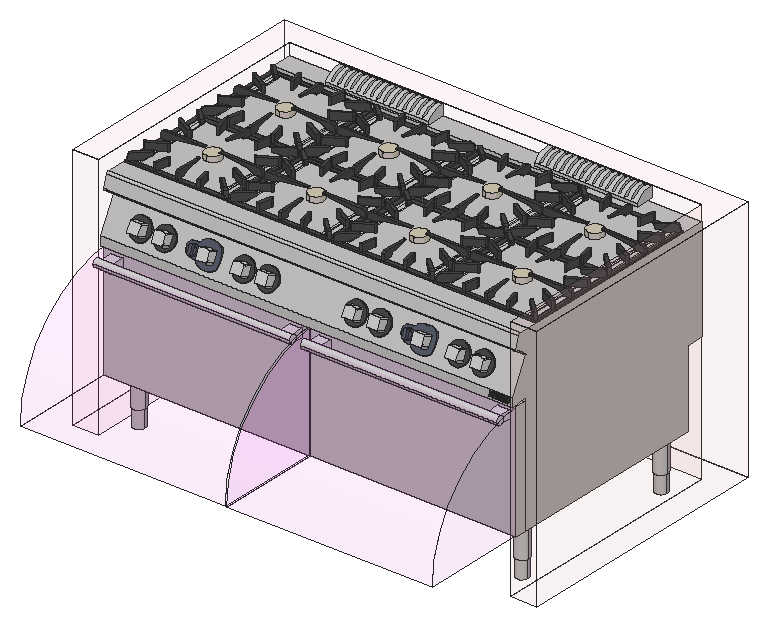
Revit family "QF_ZANUSSI_392038_Z9GCGP8CG0", category Attrezzature speciali, Revit 2020
Family settings
  Quota connettore circolare = Usa diametro
  Tipo di parte = Normale
  Basato su piano di lavoro = No
  Sempre verticale = Sì
  Taglio con vuoti quando caricato = No
  Condiviso = No
  Punto di calcolo locali = No
Parameters (values of type "Standard")
  Weight = 300.00 kg
  Watts = 0 W
  Volts = 0 V
  URL Manufacturer = "http://www.zanussiprofessional.com"
  URL = "http://www.zanussiprofessional.com"
  Steam Supply Size = 0 mm
  Steam Supply Minimum Pressure = 0.0 Pa
  Steam Supply Maximum Pressure = 0.0 Pa
  Steam Consumption per Hour = 0
  Show Logo [instance] = yes
  Show Clearance [instance] = yes
  Refrigeration Suction Line Size = 0 mm
  Refrigeration Liquid Line Size = 0 mm
  Refrigerant Compressor Remote = yes
  Prospetto di default = 0 mm
  Produttore = "Zanussi"
  Phase = 0
  Modello = "Z9GCGP8CG0"
  Length Actual = 1600 mm  # constant formula
  Item Number = "392038"
  Hot Water Size = 0 mm
  Height Actual = 850 mm  # constant formula
  HP = "0 HP"
  Gas Size = 12.7 mm
  Gas KW = 73
  Gas Input Pressure = 0.717211 W
  Direct Waste Size = 0 mm
  Descrizione = "8-BURNER(CAST IRON)GAS RANGE+2OVENS 1600"
  Depth Actual = 900 mm  # constant formula
  Cycle = 0 Hz
  Condensate Return Size = 0 mm
  Compressed Air Volume = 0.0 L/s
  Compressed Air Size = 0 mm
  Compressed Air Pressure = 0.0 Pa
  Cold Water Size = 0 mm
  Accessory = yes
Reference planes
  plane 1 "Back": y = 0
  plane 2: z = 0
  plane 3 "Left": x = 0
  plane 4: y = -916
  plane 5: x = 1600
  plane 6: z = 850
  plane 7: x = 800
  plane 8: x = 1700
  plane 9: x = -100
  plane 10: y = 100
  plane 11: y = -128
  plane 12: y = -802
Forms (mm)
  Extrusion 1, solid, material "QF_Finishes_Clearance", visible <- "Show Clearance"
    sketch origin (0, 0, 0) x (1, 0, 0) y (0, 1, 0)
      loop
        line (-100, -927.288) -> (0, -927.288) -> (0, 0) -> (1600, 0) -> (1600, -927.288) -> (1700, -927.288) -> (1700, 100) -> (-100, 100) -> (-100, -927.288)
    from 0 to 958.9
  Extrusion 2, solid, material "QF_Finishes_Stainless Steel"
    sketch origin (0, 50, 661.213) x (0, 1, 0) y (0, 0, 1)
      loop
        line (-50, 238.788) -> (-50, 253.075) -> (-126.2, 253.075) -> (-126.2, 238.788) -> (-50, 238.788)
    from 0 to 1200
  Revolve 3, solid, material "QF_Finishes_Door Clearance", visible <- "Show Clearance"
    sketch origin (0, -857.5, 50) x (1, 0, 0) y (0, 0, 1)
      loop
        line (803.256, 600) -> (803.256, 149) -> (1600, 149) -> (1600, 600) -> (803.256, 600)
      loop
        line (796.744, 600) -> (0, 600) -> (0, 149) -> (796.744, 149) -> (796.744, 600)
      axis (0, 149) -> (1600, 149)
    angle from 0 to -90
  Extrusion 4, solid, material "QF_Finishes_Stainless Steel"
    sketch origin (-303.042, -202, 191.278) x (-1, 0, 0) y (0, -1, 0)
      loop
        circle (-1852.042, 464) r 6.35
    from -1.278 to 7.722
  Extrusion 5, solid, material "QF_Finishes_Stainless Steel"
    sketch origin (-1103.042, -202, 191.278) x (-1, 0, 0) y (0, -1, 0)
      loop
        circle (-1852.042, 464) r 6.35
    from -1.278 to 7.722
Dimensions and locks
  plane 1 "Back" to plane 4 = 916 mm  (x2)
  plane 3 "Left" to plane 5 = 1600 mm
  plane 6 to level = 850 mm
  equal spacing: plane 3 "Left", plane 7, plane 5
  plane 1 "Back" to plane 10 = 100 mm
  plane 5 to plane 8 = 100 mm
  plane 9 to plane 3 "Left" = 100 mm
  Extrusion 1 to plane 11 to plane 12 = 128 mm, 674 mm
  nested 18 to level = 900 mm
  aligned and locked: level to plane 2
Automatic sketch dimensions
  Extrusion 1 sketch curve to plane 9 = 0 mm
  Extrusion 1 sketch curve to plane 3 "Left" = 0 mm
  plane 1 "Back" to Extrusion 1 sketch curve = 0 mm
  Extrusion 1 sketch curve to plane 5 = 0 mm
  Extrusion 1 sketch curve to plane 8 = 0 mm
  Extrusion 1 sketch curve to plane 10 = 0 mm
  Extrusion 1 sketch curve to plane 4 = 11.288 mm  (x2)
  Extrusion 2 sketch curve to plane 1 "Back" = 0 mm
  plane 11 to Extrusion 2 sketch curve = 51.8 mm
  Extrusion 2 sketch curve to plane 6 = 50 mm
  Extrusion 2 sketch curve to Extrusion 2 sketch curve = 14.288 mm
  Revolve 3 sketch curve to plane 3 "Left" = 0 mm
  plane 5 to Revolve 3 sketch curve = 0 mm
  plane 7 to Revolve 3 sketch curve = 3.256 mm
  Revolve 3 sketch curve to plane 7 = 3.256 mm
  Revolve 3 sketch curve to Revolve 3 sketch curve = 0 mm
  plane 6 to Revolve 3 sketch curve = 200 mm  (x2)
  plane 5 to Revolve 3 sketch curve = 199.55 mm
  Revolve 3 sketch curve to Revolve 3 sketch curve = 15.45 mm
  plane 5 to Extrusion 4 sketch curve = 51 mm
  plane 12 to Extrusion 4 sketch curve = 136 mm
  plane 7 to Extrusion 5 sketch curve = 51 mm
  plane 12 to Extrusion 5 sketch curve = 136 mm
  level to Revolve 3 sketch curve = 199 mm  (x2)
  radius of Extrusion 4 sketch curve = 6.35 mm
  radius of Extrusion 5 sketch curve = 6.35 mm
Nested families
  nested 1: "Uscita_Fumi_400" at (1205, -34.925, 914.288), type "Uscita_Fumi_400"
  nested 2: "Uscita_Fumi_400" at (395, -34.925, 914.288) x (-1, 0, 0) z (0, 0, 1), type "Uscita_Fumi_400"
  nested 3: "ZANUSSI_BURNER" at (2.5, -448.125, 50), type "ZANUSSI_BURNER"
    with Status "", Specification by User "", Revision Code "", Item Number "", Installed By "", Identify Quantity as Lot yes, Furnished By "", Foodservice Equipment Identifier yes
  nested 4: "ZANUSSI_BURNER" at (797.4, -448.125, 50) x (-1, 0, 0) z (0, 0, 1), type "ZANUSSI_BURNER"
    with Status "", Specification by User "", Revision Code "", Item Number "", Installed By "", Identify Quantity as Lot yes, Furnished By "", Foodservice Equipment Identifier yes
  nested 5: "ZANUSSI_BURNER" at (804.9, -448.125, 50), type "ZANUSSI_BURNER"
    with Status "", Specification by User "", Revision Code "", Item Number "", Installed By "", Identify Quantity as Lot yes, Furnished By "", Foodservice Equipment Identifier yes
  nested 6: "ZANUSSI_BURNER" at (1597.3, -448.125, 50) x (-1, 0, 0) z (0, 0, 1), type "ZANUSSI_BURNER"
    with Status "", Specification by User "", Revision Code "", Item Number "", Installed By "", Identify Quantity as Lot yes, Furnished By "", Foodservice Equipment Identifier yes
  nested 7: "CONTROLLER_XP-ZAN" at (1513, -887.374, 748.654) x (1, 0, 0) z (0, -0.8956, 0.4448), type "CONTROLLER_XP-ZAN"
  nested 8: "CONTROLLER_XP-ZAN" at (1418, -887.374, 748.654) x (1, 0, 0) z (0, -0.8956, 0.4448), type "CONTROLLER_XP-ZAN"
  nested 9: "CONTROLLER_XP-ZAN" at (1113, -887.374, 748.654) x (1, 0, 0) z (0, -0.8956, 0.4448), type "CONTROLLER_XP-ZAN"
  nested 10: "CONTROLLER_XP-ZAN" at (1018, -887.374, 748.654) x (1, 0, 0) z (0, -0.8956, 0.4448), type "CONTROLLER_XP-ZAN"
  nested 11: "CONTROLLER_DOPPIO_ZAN" at (1206.481, -887.374, 748.654) x (1, 0, 0) z (0, -0.8956, 0.4448), type "CONTROLLER_DOPPIO_ZAN"
  nested 12: "CONTROLLER_XP-ZAN" at (678, -887.374, 748.654) x (1, 0, 0) z (0, -0.8956, 0.4448), type "CONTROLLER_XP-ZAN"
  nested 13: "CONTROLLER_XP-ZAN" at (583, -887.374, 748.654) x (1, 0, 0) z (0, -0.8956, 0.4448), type "CONTROLLER_XP-ZAN"
  nested 14: "CONTROLLER_XP-ZAN" at (278, -887.374, 748.654) x (1, 0, 0) z (0, -0.8956, 0.4448), type "CONTROLLER_XP-ZAN"
  nested 15: "CONTROLLER_XP-ZAN" at (183, -887.374, 748.654) x (1, 0, 0) z (0, -0.8956, 0.4448), type "CONTROLLER_XP-ZAN"
  nested 16: "CONTROLLER_DOPPIO_ZAN" at (371.481, -887.374, 748.654) x (1, 0, 0) z (0, -0.8956, 0.4448), type "CONTROLLER_DOPPIO_ZAN"
  nested 17: "ZANUSSI_Logo" at (1549.92, -916.25, 722.184) x (1, 0, 0) z (0, -1, 0), Show Logo <- "Show Logo", visible <- "Show Logo", type "ZANUSSI_Logo"
    with Show Logo yes
  nested 18: "E700_width160X90Depth_MANIGLLIONE" at (800, -340.304, 50), type "E700_width160X90Depth_MANIGLLIONE"
  nested 19: "ZANUSSI_BURNER" at (2.5, -444.983, 50), type "ZANUSSI_BURNER"
    with Status "", Specification by User "", Revision Code "", Item Number "", Installed By "", Identify Quantity as Lot yes, Furnished By "", Foodservice Equipment Identifier yes
  nested 20: "ZANUSSI_BURNER" at (797.4, -444.983, 50) x (-1, 0, 0) z (0, 0, 1), type "ZANUSSI_BURNER"
    with Status "", Specification by User "", Revision Code "", Item Number "", Installed By "", Identify Quantity as Lot yes, Furnished By "", Foodservice Equipment Identifier yes
  nested 21: "ZANUSSI_BURNER" at (804.9, -444.983, 50), type "ZANUSSI_BURNER"
    with Status "", Specification by User "", Revision Code "", Item Number "", Installed By "", Identify Quantity as Lot yes, Furnished By "", Foodservice Equipment Identifier yes
  nested 22: "ZANUSSI_BURNER" at (1597.3, -444.983, 50) x (-1, 0, 0) z (0, 0, 1), type "ZANUSSI_BURNER"
    with Status "", Specification by User "", Revision Code "", Item Number "", Installed By "", Identify Quantity as Lot yes, Furnished By "", Foodservice Equipment Identifier yes
  nested 23: "Piedino 50xH200_par" at (56, -128.017, 0), type "Piedino 50xH200_par"
    with H 200 mm
  nested 24: "Piedino 50xH200_par" at (1544, -128.017, 0), type "Piedino 50xH200_par"
    with H 200 mm
  nested 25: "Piedino 50xH200_par" at (1544, -802, 0), type "Piedino 50xH200_par"
    with H 200 mm
  nested 26: "Piedino 50xH200_par" at (56, -802, 0), type "Piedino 50xH200_par"
    with H 200 mm
Connectors
  piping at (1549, -666, 190), diameter 12.7, driven by "Gas Size"
    settings: on Extrusion 4, index 15, connector inside diameter 12.8 mm, connector length 0 mm, flow factor 0, pipe flow 0.0 L/s, pressure drop 0.0 Pa, fitting loss kfactor 0, connector angle 0.00°, fixture units 0, engagement length 0 mm, angle of deflection 0.00°, flow configuration 1, flow direction 1, fitting loss method 0, system type 29, joint type 0, gender type 0, connector reference index -1, connector utility 0, adjustable connector no, is connector primary yes, connector description "Gas Connection"
  piping at (749, -666, 190), diameter 12.7, driven by "Gas Size"
    settings: on Extrusion 5, index 16, connector inside diameter 12.8 mm, connector length 0 mm, flow factor 0, pipe flow 0.0 L/s, pressure drop 0.0 Pa, fitting loss kfactor 0, connector angle 0.00°, fixture units 0, engagement length 0 mm, angle of deflection 0.00°, flow configuration 1, flow direction 1, fitting loss method 0, system type 29, joint type 0, gender type 0, connector reference index -1, connector utility 0, adjustable connector no, is connector primary no, connector description "Gas Connection"
Definition of nested family "Uscita_Fumi_400"
  Parameters (values of type "Uscita_Fumi_400")
    Default Elevation = 1219.2 mm
  Reference planes
    plane 1 "Centro (Fronte/Retro)": y = 0
    plane 2: z = 0
    plane 3 "Centro (Sinistra/Destra)": x = 0
  Forms (mm)
    Extrusion 1, solid
      sketch origin (0, 0, 0) x (1, 0, 0) y (0, 1, 0)
        loop
          line (-1219.2, 1219.2) -> (-1219.2, -1219.2) -> (1219.2, -1219.2) -> (1219.2, 1219.2) -> (-1219.2, 1219.2)
      from 0 to -304.8
    Extrusion 2, solid
      sketch origin (-200, 34.925, -289.638) x (0, 1, 0) y (0, 0, 1)
        loop
          line (0, 289.638) -> (0, 331.738)
          arc (0, 331.738) -> (-38.857, 324.552) -> (-69.85, 300.038) r 82.056
          line (-69.85, 300.038) -> (-69.85, 289.638) -> (0, 289.638)
      from 0 to 400
    Extrusion 3, void
      sketch origin (-262.5, 34.925, -15) x (0, -1, 0) y (1, 0, 0)
        loop
          line (63.911, 115.464) -> (6.761, 115.464) -> (6.761, 106.168) -> (63.911, 106.168) -> (63.911, 115.464)
        loop
          line (63.911, 140.952) -> (6.761, 140.952) -> (6.761, 131.656) -> (63.911, 131.656) -> (63.911, 140.952)
        loop
          line (63.911, 166.44) -> (6.761, 166.44) -> (6.761, 157.145) -> (63.911, 157.145) -> (63.911, 166.44)
        loop
          line (63.911, 191.929) -> (6.761, 191.929) -> (6.761, 182.633) -> (63.911, 182.633) -> (63.911, 191.929)
        loop
          line (63.911, 217.417) -> (6.761, 217.417) -> (6.761, 208.121) -> (63.911, 208.121) -> (63.911, 217.417)
        loop
          line (63.911, 242.905) -> (6.761, 242.905) -> (6.761, 233.61) -> (63.911, 233.61) -> (63.911, 242.905)
        loop
          line (63.911, 268.394) -> (6.761, 268.394) -> (6.761, 259.098) -> (63.911, 259.098) -> (63.911, 268.394)
        loop
          line (63.911, 293.882) -> (6.761, 293.882) -> (6.761, 284.586) -> (63.911, 284.586) -> (63.911, 293.882)
        loop
          line (63.911, 319.37) -> (6.761, 319.37) -> (6.761, 310.075) -> (63.911, 310.075) -> (63.911, 319.37)
        loop
          line (63.911, 344.859) -> (6.761, 344.859) -> (6.761, 335.563) -> (63.911, 335.563) -> (63.911, 344.859)
        loop
          line (63.911, 370.347) -> (6.761, 370.347) -> (6.761, 361.051) -> (63.911, 361.051) -> (63.911, 370.347)
        loop
          line (63.911, 393.394) -> (6.761, 393.394) -> (6.761, 384.098) -> (63.911, 384.098) -> (63.911, 393.394)
        loop
          line (63.911, 418.882) -> (6.761, 418.882) -> (6.761, 409.586) -> (63.911, 409.586) -> (63.911, 418.882)
        loop
          line (63.911, 444.383) -> (6.761, 444.383) -> (6.761, 435.087) -> (63.911, 435.087) -> (63.911, 444.383)
        loop
          line (63.911, 89.964) -> (6.761, 89.964) -> (6.761, 80.668) -> (63.911, 80.668) -> (63.911, 89.964)
      from 25.4 to 63.5
  Cuts and joins
    Extrusion 3 cuts Extrusion 2
  Dimensions and locks
    cut or joined group of Extrusion 2, Extrusion 3 to cut or joined group of Extrusion 2, Extrusion 3 = 400 mm
    aligned and locked: plane 2 to Extrusion 1
    aligned and locked: level to Extrusion 1
Definition of nested family "ZANUSSI_BURNER"
  Parameters (values of type "ZANUSSI_BURNER")
    Weight in Pounds = 0
    URL Cutsheet = ""
    URL = "www.electrolux.com"
    Type Mark [instance] = ""
    Status [instance] = ""
    Specification by User [instance] = ""
    Specification by Manufacturer = ""
    Show Clearance [instance] = yes
    Serial Number = ""
    Seismic Rating = ""
    SMACNA No = ""
    Revision Code [instance] = ""
    Default Elevation = 0 mm
    Omniclass Number and Title = ""
    NAFEM Spec ID Number = ""
    Model = "392010"
    Masterspec = ""
    Manufacturer = "ELECTROLUX"
    Item Number [instance] = ""
    Installed By [instance] = ""
    Identify Quantity as Lot [instance] = yes
    Furnished By [instance] = ""
    Foodservice Equipment Identifier [instance] = yes
    Description = ""
    CSI MasterFormat = ""
    CSI Master Format = ""
  Reference planes
    plane 1 "BACK": y = 0
    plane 2: z = 0
    plane 3 "LEFT": x = 0
    plane 4 "RIGHT": x = 393.7
    plane 5 "FRONT": y = -355.6
    plane 6 "TOP": z = 908.85
    plane 7 "Center Y": x = 196.85
    plane 8 "Center X": y = -177.8
    plane 9 "Base": z = 150
    plane 10: z = 850.85
  Forms (mm)
    Extrusion 1, solid
      sketch origin (-6.433, -404.961, 5) x (1, 0, 0) y (0, 0, -1)
        loop
          arc (7.142, -850.85) -> (6.739, -862.989) -> (9.761, -874.752) r 42.809
          line (9.761, -874.752) -> (19.961, -879.425) -> (173.122, -879.425)
          arc (173.122, -879.425) -> (174.316, -878.312) -> (173.289, -877.043) r 1.197
          line (173.289, -877.043) -> (64.848, -864.021)
          arc (64.848, -864.021) -> (50.111, -858.738) -> (36.589, -850.85) r 85.245
          line (36.589, -850.85) -> (7.142, -850.85)
        loop
          line (399.424, -850.85) -> (369.977, -850.85)
          arc (369.977, -850.85) -> (356.455, -858.738) -> (341.718, -864.021) r 85.245
          line (341.718, -864.021) -> (233.277, -877.043)
          arc (233.277, -877.043) -> (232.25, -878.312) -> (233.444, -879.425) r 1.197
          line (233.444, -879.425) -> (386.605, -879.425) -> (396.806, -874.752)
          arc (396.806, -874.752) -> (399.827, -862.989) -> (399.424, -850.85) r 42.809
      from 224.564 to 234.564
    Extrusion 2, solid
      sketch origin (196.85, 175.397, 1219.2) x (0, 1, 0) y (0, 0, 1)
        loop
          line (-204.463, -363.35) -> (-175.397, -363.35) -> (-175.397, -339.506)
          arc (-175.397, -339.506) -> (-181.025, -338.266) -> (-185.611, -334.775) r 13.39
          line (-185.611, -334.775) -> (-278.903, -334.775)
          arc (-278.903, -334.775) -> (-280.097, -335.888) -> (-279.07, -337.157) r 1.197
          line (-279.07, -337.157) -> (-227.151, -347.464)
          arc (-227.151, -347.464) -> (-213.741, -352.457) -> (-204.463, -363.35) r 28.426
        loop
          arc (-496.332, -363.35) -> (-487.053, -352.457) -> (-473.644, -347.464) r 28.426
          line (-473.644, -347.464) -> (-421.725, -337.157)
          arc (-421.725, -337.157) -> (-420.697, -335.888) -> (-421.891, -334.775) r 1.197
          line (-421.891, -334.775) -> (-515.184, -334.775)
          arc (-515.184, -334.775) -> (-519.769, -338.266) -> (-525.397, -339.506) r 13.39
          line (-525.397, -339.506) -> (-525.397, -363.35) -> (-496.332, -363.35)
      from -5 to 5
    Extrusion 3, solid
      sketch origin (-6.433, 367.064, 850.85) x (0, -1, 0) y (1, 0, 0)
        loop
          line (722.664, 6.433) -> (722.664, 400.133) -> (367.064, 400.133) -> (367.064, 6.433) -> (722.664, 6.433)
        loop
          line (382.064, 21.433) -> (707.664, 21.433) -> (707.664, 385.133) -> (382.064, 385.133) -> (382.064, 21.433)
      from 0 to 5
    Extrusion 4, solid
      sketch origin (-18.933, 367.064, 855.85) x (0, -1, 0) y (1, 0, 0)
        loop
          circle (541.667, 215.783) r 30
      from -1.321 to 17.134
    Extrusion 5, solid
      sketch origin (-6.433, -367.064, 0) x (1, 0, 0) y (0, 0, -1)
        loop
          line (21.433, -855.85) -> (36.589, -855.85)
          arc (36.589, -855.85) -> (40.561, -855.243) -> (44.305, -853.783) r 18.259
          arc (44.305, -853.783) -> (45.997, -853.366) -> (47.69, -853.783) r 3.649
          arc (47.69, -853.783) -> (49.901, -854.522) -> (52.232, -854.529) r 7.328
          line (52.232, -854.529) -> (354.334, -854.529)
          arc (354.334, -854.529) -> (356.666, -854.522) -> (358.877, -853.783) r 7.328
          arc (358.877, -853.783) -> (360.569, -853.366) -> (362.261, -853.783) r 3.649
          arc (362.261, -853.783) -> (366.005, -855.243) -> (369.977, -855.85) r 18.259
          line (369.977, -855.85) -> (385.133, -855.85) -> (385.133, -850.85) -> (21.433, -850.85) -> (21.433, -855.85)
      from 26.464 to 352.064
    Extrusion 6, solid
      sketch origin (83.284, -458.334, 5) x (0.742103, 0.670286, 0) y (0, 0, -1)
        loop
          arc (88.629, -864.012) -> (73.909, -858.731) -> (60.402, -850.85) r 85.245
          line (60.402, -850.85) -> (14.993, -850.85)
          arc (14.993, -850.85) -> (14.642, -862.948) -> (17.686, -874.663) r 42.876
          line (17.686, -874.663) -> (27.899, -879.425) -> (89.664, -879.425)
          arc (89.664, -879.425) -> (92.39, -878.352) -> (93.654, -875.709) r 4
          arc (93.654, -875.709) -> (92.562, -869.25) -> (88.629, -864.012) r 13.87
        loop
          arc (457.638, -864.012) -> (453.704, -869.25) -> (452.613, -875.709) r 13.87
          arc (452.613, -875.709) -> (453.876, -878.352) -> (456.603, -879.425) r 4
          line (456.603, -879.425) -> (518.367, -879.425) -> (528.581, -874.663)
          arc (528.581, -874.663) -> (531.624, -862.948) -> (531.273, -850.85) r 42.876
          line (531.273, -850.85) -> (485.865, -850.85)
          arc (485.865, -850.85) -> (472.357, -858.731) -> (457.638, -864.012) r 85.245
      from 127.064 to 137.064
    Extrusion 7, solid
      sketch origin (310.416, -458.334, 5) x (-0.742103, 0.670286, 0) y (0, 0, 1)
        loop
          arc (88.629, 864.012) -> (92.562, 869.25) -> (93.654, 875.709) r 13.87
          arc (93.654, 875.709) -> (92.39, 878.352) -> (89.664, 879.425) r 4
          line (89.664, 879.425) -> (27.899, 879.425) -> (17.686, 874.663)
          arc (17.686, 874.663) -> (14.642, 862.948) -> (14.993, 850.85) r 42.876
          line (14.993, 850.85) -> (60.402, 850.85)
          arc (60.402, 850.85) -> (73.909, 858.731) -> (88.629, 864.012) r 85.245
        loop
          arc (457.638, 864.012) -> (472.357, 858.731) -> (485.865, 850.85) r 85.245
          line (485.865, 850.85) -> (531.273, 850.85)
          arc (531.273, 850.85) -> (531.624, 862.948) -> (528.581, 874.663) r 42.876
          line (528.581, 874.663) -> (518.367, 879.425) -> (456.603, 879.425)
          arc (456.603, 879.425) -> (453.876, 878.352) -> (452.613, 875.709) r 4
          arc (452.613, 875.709) -> (453.704, 869.25) -> (457.638, 864.012) r 13.87
      from 127.064 to 137.064
    Extrusion 8, solid
      sketch origin (-6.433, 367.064, 855.85) x (0, -1, 0) y (1, 0, 0)
        loop
          arc (626.166, 9.428) -> (632.956, 7.454) -> (634.93, 14.244) r 5
          line (634.93, 14.244) -> (600.514, 76.878)
          arc (600.514, 76.878) -> (593.724, 78.852) -> (591.75, 72.062) r 5
          line (591.75, 72.062) -> (626.166, 9.428)
        loop
          line (463.562, 9.428) -> (497.977, 72.062)
          arc (497.977, 72.062) -> (496.003, 78.852) -> (489.213, 76.878) r 5
          line (489.213, 76.878) -> (454.798, 14.244)
          arc (454.798, 14.244) -> (456.772, 7.454) -> (463.562, 9.428) r 5
        loop
          line (626.166, 397.138) -> (591.75, 334.504)
          arc (591.75, 334.504) -> (593.724, 327.714) -> (600.514, 329.689) r 5
          line (600.514, 329.689) -> (634.93, 392.323)
          arc (634.93, 392.323) -> (632.956, 399.113) -> (626.166, 397.138) r 5
        loop
          arc (463.562, 397.138) -> (456.772, 399.113) -> (454.798, 392.323) r 5
          line (454.798, 392.323) -> (489.213, 329.689)
          arc (489.213, 329.689) -> (496.003, 327.714) -> (497.977, 334.504) r 5
          line (497.977, 334.504) -> (463.562, 397.138)
        loop
          line (715.14, 293.499) -> (666.703, 282.317)
          arc (666.703, 282.317) -> (662.956, 276.32) -> (668.953, 272.573) r 5
          line (668.953, 272.573) -> (717.389, 283.756)
          arc (717.389, 283.756) -> (721.136, 289.752) -> (715.14, 293.499) r 5
        loop
          arc (715.14, 113.067) -> (721.136, 116.814) -> (717.389, 122.811) r 5
          line (717.389, 122.811) -> (668.953, 133.993)
          arc (668.953, 133.993) -> (662.956, 130.246) -> (666.703, 124.249) r 5
          line (666.703, 124.249) -> (715.14, 113.067)
        loop
          arc (374.588, 293.499) -> (368.591, 289.752) -> (372.338, 283.756) r 5
          line (372.338, 283.756) -> (420.775, 272.573)
          arc (420.775, 272.573) -> (426.771, 276.32) -> (423.024, 282.317) r 5
          line (423.024, 282.317) -> (374.588, 293.499)
        loop
          line (374.588, 113.067) -> (423.024, 124.249)
          arc (423.024, 124.249) -> (426.771, 130.246) -> (420.775, 133.993) r 5
          line (420.775, 133.993) -> (372.338, 122.811)
          arc (372.338, 122.811) -> (368.591, 116.814) -> (374.588, 113.067) r 5
      from 0 to 28.575
  Lines and regions (mm)
    symbolic lines
      curve 1: line (157.475, -170.397, 150) -> (157.475, -15, 150)
      curve 2: line (236.225, -170.397, 150) -> (236.225, -15, 150)
      curve 3: arc (158.678, -180.397, 0) -> (170.734, -200.207, 0) -> (191.85, -209.795, 0) r 39.375
      curve 4: line (163.825, -170.397, 150) -> (163.825, -15, 150)
      curve 5: line (229.875, -170.397, 150) -> (229.875, -15, 150)
      curve 6: line (144.775, -170.397, 150) -> (144.775, -15, 150)
      curve 7: line (248.925, -170.397, 150) -> (248.925, -15, 150)
      curve 8: arc (145.678, -180.397, 0) -> (161.728, -209.187, 0) -> (191.85, -222.573, 0) r 52.075
      curve 9: arc (201.85, -209.795, 0) -> (222.966, -200.207, 0) -> (235.022, -180.397, 0) r 39.375
      curve 10: arc (201.85, -222.573, 0) -> (231.931, -209.224, 0) -> (248.001, -180.504, 0) r 52.075
  Dimensions and locks
    equal spacing: plane 3 "LEFT", plane 7 "Center Y", plane 4 "RIGHT"
    plane 3 "LEFT" to plane 4 "RIGHT" = 393.7 mm
    equal spacing: plane 5 "FRONT", plane 8 "Center X", plane 1 "BACK"
    plane 5 "FRONT" to plane 1 "BACK" = 355.6 mm
    plane 6 "TOP" to level = 908.85 mm
    plane 9 "Base" to level = 150 mm
    plane 6 "TOP" to plane 10 = 58 mm  (x2)
    locked: Extrusion 4 sketch curve to plane 7 "Center Y" at 0
    aligned and locked: level to plane 2
  Automatic sketch dimensions
    plane 1 "BACK" to curve 7 = 15 mm
    plane 7 "Center Y" to curve 7 = 52.075 mm
    curve 7 to curve 2 = 12.7 mm
    curve 2 to curve 5 = 6.35 mm
    curve 4 to curve 1 = 6.35 mm
    plane 8 "Center X" to curve 6 = 7.403 mm
    curve 1 to curve 6 = 12.7 mm
    plane 3 "LEFT" to Extrusion 1 sketch curve = 0.709 mm
    plane 3 "LEFT" to Extrusion 1 sketch curve = 3.327 mm
    Extrusion 1 sketch curve to Extrusion 1 sketch curve = 10.201 mm
    plane 10 to Extrusion 1 sketch curve = 5 mm  (x2)
    Extrusion 1 sketch curve to Extrusion 1 sketch curve = 29.447 mm
    Extrusion 1 sketch curve to Extrusion 1 sketch curve = 12.704 mm  (x2)
    Extrusion 1 sketch curve to Extrusion 1 sketch curve = 15.555 mm  (x2)
    plane 3 "LEFT" to Extrusion 1 sketch curve = 79.689 mm
    Extrusion 1 sketch curve to plane 7 "Center Y" = 30.161 mm
    Extrusion 1 sketch curve to Extrusion 1 sketch curve = 0.167 mm  (x2)
    plane 7 "Center Y" to Extrusion 1 sketch curve = 29.994 mm
    Extrusion 1 sketch curve to plane 4 "RIGHT" = 79.689 mm
    plane 10 to Extrusion 1 sketch curve = 18.171 mm
    Extrusion 1 sketch curve to plane 4 "RIGHT" = 58.415 mm
    Extrusion 1 sketch curve to plane 4 "RIGHT" = 13.528 mm
    Extrusion 1 sketch curve to plane 4 "RIGHT" = 3.327 mm
    Extrusion 1 sketch curve to plane 4 "RIGHT" = 0.709 mm
    Extrusion 1 sketch curve to Extrusion 1 sketch curve = 23.902 mm  (x2)
    Extrusion 1 sketch curve to plane 6 "TOP" = 26.807 mm  (x2)
    Extrusion 1 sketch curve to Extrusion 1 sketch curve = 1.185 mm  (x2)
    Extrusion 1 sketch curve to Extrusion 1 sketch curve = 5.694 mm
    Extrusion 2 sketch curve to plane 1 "BACK" = 0 mm
    plane 1 "BACK" to Extrusion 2 sketch curve = 10.213 mm
    plane 10 to Extrusion 2 sketch curve = 5 mm  (x2)
    plane 1 "BACK" to Extrusion 2 sketch curve = 29.066 mm
    plane 10 to Extrusion 2 sketch curve = 20.886 mm
    Extrusion 2 sketch curve to Extrusion 2 sketch curve = 22.688 mm  (x2)
    Extrusion 2 sketch curve to plane 10 = 7.392 mm  (x2)
    Extrusion 2 sketch curve to plane 6 "TOP" = 24.425 mm
    Extrusion 2 sketch curve to Extrusion 2 sketch curve = 51.752 mm
    Extrusion 2 sketch curve to plane 6 "TOP" = 26.807 mm  (x2)
    Extrusion 2 sketch curve to Extrusion 2 sketch curve = 0.167 mm  (x2)
    Extrusion 2 sketch curve to plane 8 "Center X" = 68.528 mm
    Extrusion 2 sketch curve to plane 5 "FRONT" = 60.248 mm
    Extrusion 2 sketch curve to Extrusion 2 sketch curve = 2.895 mm
    Extrusion 2 sketch curve to plane 5 "FRONT" = 15.813 mm
    Extrusion 2 sketch curve to plane 5 "FRONT" = 5.6 mm
    Extrusion 2 sketch curve to Extrusion 2 sketch curve = 4.731 mm
    Extrusion 2 sketch curve to Extrusion 2 sketch curve = 23.844 mm
    Extrusion 2 sketch curve to Extrusion 2 sketch curve = 1.185 mm
    plane 1 "BACK" to Extrusion 3 sketch curve = 0 mm
    Extrusion 3 sketch curve to plane 3 "LEFT" = 0 mm
    plane 5 "FRONT" to Extrusion 3 sketch curve = 0 mm
    Extrusion 3 sketch curve to plane 4 "RIGHT" = 0 mm
    plane 1 "BACK" to Extrusion 3 sketch curve = 15 mm
    Extrusion 3 sketch curve to plane 5 "FRONT" = 15 mm
    plane 3 "LEFT" to Extrusion 3 sketch curve = 15 mm
    Extrusion 3 sketch curve to plane 4 "RIGHT" = 15 mm
    Extrusion 3 to Extrusion 4 sketch curve = 159.603 mm
    Extrusion 5 sketch curve to plane 10 = 0 mm
    plane 3 "LEFT" to Extrusion 5 sketch curve = 15 mm
    Extrusion 5 sketch curve to Extrusion 5 sketch curve = 14.402 mm
    plane 10 to Extrusion 5 sketch curve = 5 mm
    Extrusion 5 sketch curve to Extrusion 5 sketch curve = 15.156 mm
    plane 10 to Extrusion 5 sketch curve = 2.933 mm  (x3)
    Extrusion 5 sketch curve to Extrusion 5 sketch curve = 7.716 mm  (x2)
    Extrusion 5 sketch curve to Extrusion 5 sketch curve = 0 mm  (x3)
    Extrusion 5 sketch curve to Extrusion 5 sketch curve = 1.692 mm  (x2)
    Extrusion 5 sketch curve to Extrusion 5 sketch curve = 3.385 mm  (x2)
    Extrusion 5 sketch curve to plane 10 = 3.559 mm  (x2)
    plane 10 to Extrusion 5 sketch curve = 3.679 mm
    Extrusion 5 sketch curve to plane 4 "RIGHT" = 45.799 mm
    Extrusion 5 sketch curve to Extrusion 5 sketch curve = 1.143 mm
    Extrusion 5 sketch curve to plane 10 = 13.244 mm
    Extrusion 5 sketch curve to plane 4 "RIGHT" = 15 mm
    plane 10 to Extrusion 6 sketch curve = 5 mm  (x2)
    Extrusion 6 sketch curve to Extrusion 6 sketch curve = 2.692 mm  (x2)
    Extrusion 6 sketch curve to Extrusion 6 sketch curve = 10.213 mm  (x2)
    plane 10 to Extrusion 6 sketch curve = 12.281 mm
    Extrusion 6 sketch curve to Extrusion 6 sketch curve = 29.348 mm  (x2)
    Extrusion 6 sketch curve to Extrusion 6 sketch curve = 3.155 mm  (x2)
    Extrusion 6 sketch curve to Extrusion 6 sketch curve = 22.572 mm
    Extrusion 6 sketch curve to Extrusion 6 sketch curve = 8.81 mm
    Extrusion 6 sketch curve to Extrusion 6 sketch curve = 9.845 mm  (x2)
    Extrusion 6 sketch curve to Extrusion 6 sketch curve = 3.99 mm  (x2)
    Extrusion 6 sketch curve to Extrusion 6 sketch curve = 0 mm  (x2)
    Extrusion 6 sketch curve to Extrusion 6 sketch curve = 49.533 mm
    Extrusion 6 sketch curve to plane 10 = 64.377 mm
    Extrusion 6 sketch curve to Extrusion 6 sketch curve = 326.397 mm
    Extrusion 6 sketch curve to plane 6 "TOP" = 28.141 mm
    Extrusion 6 sketch curve to Extrusion 6 sketch curve = 16.281 mm
    Extrusion 6 sketch curve to Extrusion 6 sketch curve = 1.035 mm
    Extrusion 6 sketch curve to Extrusion 6 sketch curve = 19.417 mm
    Extrusion 6 sketch curve to Extrusion 6 sketch curve = 4.763 mm  (x2)
    Extrusion 6 sketch curve to Extrusion 6 sketch curve = 3.716 mm
    plane 10 to Extrusion 7 sketch curve = 5 mm  (x2)
    Extrusion 7 sketch curve to Extrusion 7 sketch curve = 2.692 mm  (x2)
    Extrusion 7 sketch curve to Extrusion 7 sketch curve = 10.213 mm  (x2)
    plane 10 to Extrusion 7 sketch curve = 12.281 mm
    Extrusion 7 sketch curve to Extrusion 7 sketch curve = 29.348 mm  (x2)
    Extrusion 7 sketch curve to Extrusion 7 sketch curve = 3.155 mm  (x2)
    Extrusion 7 sketch curve to Extrusion 7 sketch curve = 22.572 mm
    Extrusion 7 sketch curve to Extrusion 7 sketch curve = 8.81 mm
    Extrusion 7 sketch curve to Extrusion 7 sketch curve = 9.845 mm  (x2)
    Extrusion 7 sketch curve to Extrusion 7 sketch curve = 3.99 mm  (x2)
    Extrusion 7 sketch curve to Extrusion 7 sketch curve = 0 mm  (x2)
    Extrusion 7 sketch curve to Extrusion 7 sketch curve = 21.306 mm
    Extrusion 7 sketch curve to plane 10 = 64.377 mm  (x2)
    Extrusion 7 sketch curve to Extrusion 7 sketch curve = 326.397 mm
    Extrusion 7 sketch curve to plane 6 "TOP" = 28.141 mm
    Extrusion 7 sketch curve to Extrusion 7 sketch curve = 16.281 mm
    Extrusion 7 sketch curve to Extrusion 7 sketch curve = 1.035 mm
    Extrusion 7 sketch curve to Extrusion 7 sketch curve = 19.417 mm
    Extrusion 7 sketch curve to Extrusion 7 sketch curve = 7.281 mm
    Extrusion 7 sketch curve to Extrusion 7 sketch curve = 10.713 mm
    curve 3 to curve 8 = 0 mm  (x2)
    curve 3 to curve 9 = 0 mm  (x2)
    curve 3 to curve 10 = 0 mm  (x2)
    curve 3 to plane 7 "Center Y" = 0 mm
    curve 8 to plane 8 "Center X" = 2.597 mm
    curve 8 to plane 7 "Center Y" = 51.172 mm
    curve 3 to plane 8 "Center X" = 2.597 mm
    curve 8 to curve 3 = 12.999 mm
    curve 3 to plane 7 "Center Y" = 5 mm
    curve 8 to plane 7 "Center Y" = 5 mm
    plane 7 "Center Y" to curve 10 = 5 mm
    curve 9 to plane 8 "Center X" = 2.597 mm
    plane 7 "Center Y" to curve 9 = 38.172 mm
    curve 10 to plane 8 "Center X" = 2.704 mm
    curve 9 to curve 10 = 12.979 mm
    curve 10 to plane 8 "Center X" = 44.773 mm
    Extrusion 8 sketch curve to Extrusion 3 = 5.275 mm  (x2)
    Extrusion 8 sketch curve to Extrusion 8 sketch curve = 1.125 mm  (x16)
    Extrusion 3 to Extrusion 8 sketch curve = 38.711 mm  (x2)
    Extrusion 8 sketch curve to Extrusion 3 = 7.19 mm  (x3)
    Extrusion 3 to Extrusion 8 sketch curve = 72.734 mm  (x2)
    Extrusion 8 sketch curve to Extrusion 8 sketch curve = 4.382 mm  (x16)
    Extrusion 8 sketch curve to Extrusion 3 = 2.995 mm  (x4)
    Extrusion 8 sketch curve to Extrusion 8 sketch curve = 34.416 mm  (x4)
    Extrusion 3 to Extrusion 8 sketch curve = 50.629 mm  (x3)
    Extrusion 8 sketch curve to Extrusion 8 sketch curve = 93.773 mm  (x2)
    Extrusion 3 to Extrusion 8 sketch curve = 40.96 mm  (x2)
    Extrusion 8 sketch curve to Extrusion 3 = 7.476 mm  (x2)
    Extrusion 8 sketch curve to Extrusion 8 sketch curve = 2.408 mm  (x4)
    Extrusion 3 to Extrusion 8 sketch curve = 91.634 mm  (x2)
    Extrusion 8 sketch curve to Extrusion 8 sketch curve = 4.872 mm  (x8)
    Extrusion 8 sketch curve to Extrusion 8 sketch curve = 11.182 mm  (x4)
    Extrusion 3 to Extrusion 8 sketch curve = 112.56 mm
    Extrusion 8 sketch curve to Extrusion 8 sketch curve = 61.931 mm
    Extrusion 3 to Extrusion 8 sketch curve = 55.445 mm
    Extrusion 8 sketch curve to Extrusion 8 sketch curve = 4.816 mm
    plane 7 "Center Y" to curve 9 = 5 mm
    plane 8 "Center X" to curve 4 = 7.403 mm
    curve 4 to plane 7 "Center Y" = 33.025 mm
    plane 1 "BACK" to curve 1 = 15 mm
    plane 1 "BACK" to curve 5 = 15 mm
    curve 5 to curve 2 = 0 mm  (x2)
    curve 1 to curve 4 = 0 mm  (x2)
    curve 6 to curve 1 = 0 mm
    plane 8 "Center X" to curve 2 = 7.403 mm
    plane 8 "Center X" to curve 7 = 7.403 mm
    radius of Extrusion 4 sketch curve = 30 mm
Definition of nested family "CONTROLLER_XP-ZAN"
  Parameters (values of type "CONTROLLER_XP-ZAN")
    Default Elevation = 0 mm
  Reference planes
    plane 1 "Centro (Fronte/Retro)": y = 0
    plane 2: z = 0
    plane 3 "Centro (Sinistra/Destra)": x = 0
    plane 4: x = -51.067
    plane 5: x = 51.067
    plane 6: x = 93.481
    plane 7: x = -93.481
  Forms (mm)
    Extrusion 1, solid
      sketch origin (0, 0, 0) x (1, 0, 0) y (0, 1, 0)
        loop
          line (-1219.2, 1219.2) -> (-1219.2, -1219.2) -> (1219.2, -1219.2) -> (1219.2, 1219.2) -> (-1219.2, 1219.2)
      from 0 to -304.8
    Extrusion 2, solid
      sketch origin (-46.381, -48.923, 0) x (1, 0, 0) y (0, 1, 0)
        loop
          circle (-4.687, 48.923) r 42.414
      from 0 to 3.175
    Blend 3, solid
      base sketch origin (-46.381, -48.923, 3.175) x (1, 0, 0) y (0, 1, 0)
        loop
          line (-23.687, 25.923) -> (14.313, 25.923)
          arc (14.313, 25.923) -> (17.142, 27.095) -> (18.313, 29.923) r 4
          line (18.313, 29.923) -> (18.313, 66.519)
          arc (18.313, 66.519) -> (17.342, 69.132) -> (14.901, 70.476) r 4
          arc (14.901, 70.476) -> (-4.687, 71.923) -> (-24.275, 70.476) r 133.25
          arc (-24.275, 70.476) -> (-26.716, 69.132) -> (-27.687, 66.519) r 4
          line (-27.687, 66.519) -> (-27.687, 29.923)
          arc (-27.687, 29.923) -> (-26.515, 27.095) -> (-23.687, 25.923) r 4
      top sketch origin (-46.381, -48.923, 3.175) x (1, 0, 0) y (0, 1, 0)
        loop
          line (-25.687, 66.519) -> (-25.687, 29.923)
          arc (-25.687, 29.923) -> (-25.101, 28.509) -> (-23.687, 27.923) r 2
          line (-23.687, 27.923) -> (14.313, 27.923)
          arc (14.313, 27.923) -> (15.727, 28.509) -> (16.313, 29.923) r 2
          line (16.313, 29.923) -> (16.313, 66.519)
          arc (16.313, 66.519) -> (15.828, 67.825) -> (14.607, 68.498) r 2
          arc (14.607, 68.498) -> (-4.687, 69.923) -> (-23.981, 68.498) r 131.25
          arc (-23.981, 68.498) -> (-25.201, 67.825) -> (-25.687, 66.519) r 2
      from 0 to 33
  Lines and regions (mm)
    Split face 1
      outline origin (-46.381, -48.923, 36.175) x (1, 0, 0) y (0, 1, 0)
        loop
          line (-6.687, 69.908) -> (-6.687, 62.923) -> (-2.687, 62.923) -> (-2.687, 69.908)
  Dimensions and locks
    aligned and locked: plane 2 to Extrusion 1
    aligned and locked: level to Extrusion 1
Definition of nested family "CONTROLLER_DOPPIO_ZAN"
  Parameters (values of type "CONTROLLER_DOPPIO_ZAN")
    Default Elevation = 1219.2 mm
  Reference planes
    plane 1 "Centro (Fronte/Retro)": y = 0
    plane 2: z = 0
    plane 3 "Centro (Sinistra/Destra)": x = 0
  Forms (mm)
    Extrusion 1, solid
      sketch origin (0, 0, 0) x (1, 0, 0) y (0, 1, 0)
        loop
          line (-1219.2, 1219.2) -> (-1219.2, -1219.2) -> (1219.2, -1219.2) -> (1219.2, 1219.2) -> (-1219.2, 1219.2)
      from 0 to -304.8
    Extrusion 2, solid
      sketch origin (-514.313, -66.838, -0.005) x (0, 1, 0.000275) y (-1, 0, 0)
        loop
          arc (104.31, -502.587) -> (101.304, -501.269) -> (98.251, -500.06) r 91.047
          arc (98.251, -500.06) -> (96.593, -482.459) -> (93.213, -465.107) r 179.528
          arc (93.213, -465.107) -> (69.244, -452.795) -> (45.274, -465.107) r 29.489
          arc (45.274, -465.107) -> (38.909, -481.441) -> (37.449, -498.912) r 61.044
          arc (37.449, -498.912) -> (34.471, -499.962) -> (31.532, -501.116) r 91.066
          arc (31.532, -501.116) -> (19.069, -540.041) -> (31.818, -578.873) r 66.256
          arc (31.818, -578.873) -> (68.058, -585.586) -> (104.006, -577.452) r 91.478
          arc (104.006, -577.452) -> (115.815, -540.067) -> (104.31, -502.587) r 65.933
      from 0 to 3.175
    Extrusion 3, solid
      sketch origin (-193.063, -68.823, 3.169) x (0, 1, 0.000275) y (-1, 0, 0)
        loop
          circle (68.826, -160.963) r 18.37
      from 0 to 12.7
    Extrusion 4, solid
      sketch origin (-194.354, -68.826, 15.869) x (0, 1, 0.000275) y (-1, 0, 0)
        loop
          arc (84.808, -167.687) -> (85.476, -161.901) -> (84.808, -156.114) r 25.4
          line (84.808, -156.114) -> (52.844, -156.114)
          arc (52.844, -156.114) -> (52.176, -161.901) -> (52.844, -167.687) r 25.4
          line (52.844, -167.687) -> (84.808, -167.687)
      from 0 to 8.112
    Blend 5, solid
      base sketch origin (30.393, -48.221, 3.19) x (1, 0, 0) y (0, 1, 0)
        loop
          line (-23.687, 25.923) -> (14.313, 25.923)
          arc (14.313, 25.923) -> (17.142, 27.095) -> (18.313, 29.923) r 4
          line (18.313, 29.923) -> (18.313, 66.519)
          arc (18.313, 66.519) -> (17.342, 69.132) -> (14.901, 70.476) r 4
          arc (14.901, 70.476) -> (-4.687, 71.923) -> (-24.275, 70.476) r 133.25
          arc (-24.275, 70.476) -> (-26.716, 69.132) -> (-27.687, 66.519) r 4
          line (-27.687, 66.519) -> (-27.687, 29.923)
          arc (-27.687, 29.923) -> (-26.515, 27.095) -> (-23.687, 25.923) r 4
      top sketch origin (30.393, -48.221, 3.19) x (1, 0, 0) y (0, 1, 0)
        loop
          line (-25.687, 66.519) -> (-25.687, 29.923)
          arc (-25.687, 29.923) -> (-25.101, 28.509) -> (-23.687, 27.923) r 2
          line (-23.687, 27.923) -> (14.313, 27.923)
          arc (14.313, 27.923) -> (15.727, 28.509) -> (16.313, 29.923) r 2
          line (16.313, 29.923) -> (16.313, 66.519)
          arc (16.313, 66.519) -> (15.828, 67.825) -> (14.607, 68.498) r 2
          arc (14.607, 68.498) -> (-4.687, 69.923) -> (-23.981, 68.498) r 131.25
          arc (-23.981, 68.498) -> (-25.201, 67.825) -> (-25.687, 66.519) r 2
      from 0 to 33
  Lines and regions (mm)
    Split face 1
      outline origin (30.393, -48.221, 36.19) x (1, 0, 0) y (0, 1, 0)
        loop
          line (-6.687, 69.908) -> (-6.687, 62.923) -> (-2.687, 62.923) -> (-2.687, 69.908)
  Dimensions and locks
    aligned and locked: plane 2 to Extrusion 1
    aligned and locked: level to Extrusion 1
Definition of nested family "ZANUSSI_Logo"
  Parameters (values of type "ZANUSSI_Logo")
    Show Logo [instance] = yes
    Default Elevation = 1219.2 mm
  Reference planes
    plane 1 "Center (Front/Back)": y = -49
    plane 2: z = 0
    plane 3 "Center (Left/Right)": x = -9.92
  Forms (mm)
    Extrusion 1, solid
      sketch origin (0, 0, 0) x (1, 0, 0) y (0, 1, 0)
        loop
          line (-1219.2, 1219.2) -> (-1219.2, -1219.2) -> (1219.2, -1219.2) -> (1219.2, 1219.2) -> (-1219.2, 1219.2)
      from 0 to -304.8
    Extrusion 2, solid, visible <- "Show Logo"
      sketch origin (106.353, -215.165, -50) x (1, 0, 0) y (0, 1, 0)
        loop
          line (-137.419, 156.48) -> (-137.419, 160.444) -> (-143.365, 160.444) -> (-137.419, 172.566) -> (-137.419, 175.851) -> (-147.274, 175.851) -> (-147.274, 172.226) -> (-142.063, 172.339) -> (-147.728, 160.444) -> (-147.728, 156.48) -> (-137.419, 156.48)
        loop
          line (-131.729, 163.73) -> (-129.463, 163.73) -> (-130.596, 172.54) -> (-131.729, 163.73)
        loop
          line (-132.748, 156.48) -> (-132.182, 160.218) -> (-128.897, 160.218) -> (-128.33, 156.48) -> (-124.252, 156.48) -> (-127.877, 175.851) -> (-133.315, 175.851) -> (-136.826, 156.48) -> (-132.748, 156.48)
        loop
          line (-123.75, 175.851) -> (-123.75, 156.48) -> (-120.238, 156.48) -> (-120.238, 169.281) -> (-116.953, 156.48) -> (-112.648, 156.48) -> (-112.648, 175.851) -> (-116.273, 175.851) -> (-116.273, 163.503) -> (-119.558, 175.851) -> (-123.75, 175.851)
        loop
          arc (-111.742, 161.27) -> (-106.896, 156.448) -> (-101.433, 160.558) r 5.22
          line (-101.433, 160.558) -> (-101.433, 175.851) -> (-105.398, 175.851) -> (-105.398, 161.464)
          arc (-105.398, 161.464) -> (-106.44, 160.263) -> (-107.777, 161.124) r 1.214
          line (-107.777, 161.124) -> (-107.777, 175.851) -> (-111.742, 175.851) -> (-111.742, 161.27)
        loop
          line (-94.069, 169.734) -> (-90.331, 169.734) -> (-90.269, 171.495)
          arc (-90.269, 171.495) -> (-90.53, 173.458) -> (-91.761, 175.009) r 3.719
          arc (-91.761, 175.009) -> (-95.38, 176.189) -> (-98.998, 175.009) r 6.139
          arc (-98.998, 175.009) -> (-100.474, 172.145) -> (-100.291, 168.927) r 6.125
          arc (-100.291, 168.927) -> (-99.079, 167.149) -> (-97.591, 165.594) r 13.068
          line (-97.591, 165.594) -> (-95.921, 164.113)
          arc (-95.921, 164.113) -> (-94.934, 163.275) -> (-94.167, 162.233) r 5.571
          arc (-94.167, 162.233) -> (-94.357, 160.41) -> (-96.143, 160.003) r 1.573
          arc (-96.143, 160.003) -> (-96.681, 160.547) -> (-96.911, 161.277) r 1.631
          arc (-96.911, 161.277) -> (-96.929, 161.791) -> (-96.911, 162.305) r 7.441
          arc (-96.911, 162.305) -> (-96.895, 162.791) -> (-96.911, 163.277) r 7.03
          line (-96.911, 163.277) -> (-100.866, 163.277)
          arc (-100.866, 163.277) -> (-100.828, 160.504) -> (-99.735, 157.955) r 7.131
          arc (-99.735, 157.955) -> (-94.571, 156.484) -> (-90.221, 159.633) r 6.148
          arc (-90.221, 159.633) -> (-90.141, 162.884) -> (-91.536, 165.823) r 7.021
          line (-91.536, 165.823) -> (-95.882, 169.734)
          arc (-95.882, 169.734) -> (-96.47, 170.472) -> (-96.785, 171.362) r 2.858
          arc (-96.785, 171.362) -> (-95.666, 172.959) -> (-94.069, 171.84) r 1.379
          line (-94.069, 171.84) -> (-94.069, 169.734)
        loop
          line (-82.771, 169.734) -> (-79.033, 169.734) -> (-78.971, 171.495)
          arc (-78.971, 171.495) -> (-79.232, 173.458) -> (-80.463, 175.009) r 3.719
          arc (-80.463, 175.009) -> (-84.081, 176.189) -> (-87.7, 175.009) r 6.139
          arc (-87.7, 175.009) -> (-89.175, 172.145) -> (-88.993, 168.927) r 6.125
          arc (-88.993, 168.927) -> (-87.781, 167.149) -> (-86.293, 165.594) r 13.068
          line (-86.293, 165.594) -> (-84.623, 164.113)
          arc (-84.623, 164.113) -> (-83.636, 163.275) -> (-82.869, 162.233) r 5.571
          arc (-82.869, 162.233) -> (-83.059, 160.41) -> (-84.845, 160.003) r 1.573
          arc (-84.845, 160.003) -> (-85.383, 160.547) -> (-85.613, 161.277) r 1.631
          arc (-85.613, 161.277) -> (-85.631, 161.791) -> (-85.613, 162.305) r 7.441
          arc (-85.613, 162.305) -> (-85.596, 162.791) -> (-85.613, 163.277) r 7.03
          line (-85.613, 163.277) -> (-89.568, 163.277)
          arc (-89.568, 163.277) -> (-89.53, 160.504) -> (-88.437, 157.955) r 7.131
          arc (-88.437, 157.955) -> (-83.272, 156.484) -> (-78.922, 159.633) r 6.148
          arc (-78.922, 159.633) -> (-78.843, 162.884) -> (-80.238, 165.823) r 7.021
          line (-80.238, 165.823) -> (-84.584, 169.734)
          arc (-84.584, 169.734) -> (-85.171, 170.472) -> (-85.486, 171.362) r 2.858
          arc (-85.486, 171.362) -> (-84.368, 172.959) -> (-82.771, 171.84) r 1.379
          line (-82.771, 171.84) -> (-82.771, 169.734)
        loop
          line (-78.21, 175.851) -> (-78.21, 156.48) -> (-74.245, 156.48) -> (-74.245, 175.851) -> (-78.21, 175.851)
      from 50 to 51.6
  Dimensions and locks
    aligned and locked: plane 2 to Extrusion 1
    aligned and locked: level to Extrusion 1
Definition of nested family "E700_width160X90Depth_MANIGLLIONE"
  Parameters (values of type "E700_width160X90Depth_MANIGLLIONE")
    Show Clearance [instance] = yes
    Default Elevation = 0 mm
  Reference planes
    plane 1 "Centro (Fronte/Retro)": y = 0
    plane 2: z = 0
    plane 3 "Centro (Sinistra/Destra)": x = 0
  Forms (mm)
    Extrusion 1, solid
      sketch origin (-400, 390.304, 611.212) x (0, 1, 0) y (0, 0, 1)
        loop
          line (-50, 238.788) -> (-930.608, 238.788)
          arc (-930.608, 238.788) -> (-935.893, 236.598) -> (-938.083, 231.313) r 7.474
          line (-938.083, 231.313) -> (-951.134, 185.798)
          arc (-951.134, 185.798) -> (-950.646, 183.166) -> (-948.25, 181.971) r 3
          line (-948.25, 181.971) -> (-938.052, 181.971) -> (-906.232, 150.152) -> (-966.25, 29.296) -> (-966.25, -5.704) -> (-909.895, 2.216)
          arc (-909.895, 2.216) -> (-907.351, 1.462) -> (-906.25, -0.953) r 3.2
          line (-906.25, -0.953) -> (-906.25, -462.212) -> (-121, -462.212) -> (-121, -162.212) -> (-50, -162.212) -> (-50, 238.788)
      from -400 to 1200
    Extrusion 2, solid
      sketch origin (200, -200, 0) x (0, 1, 0) y (0, 0, 1)
        loop
          line (-360.946, 600) -> (-360.946, 149) -> (-320.946, 149) -> (-320.946, 600) -> (-360.946, 600)
      from -196.744 to 600
    Extrusion 3, solid
      sketch origin (-200, -200, 0) x (0, 1, 0) y (0, 0, -1)
        loop
          line (-360.946, -600) -> (-320.946, -600) -> (-320.946, -149) -> (-360.946, -149) -> (-360.946, -600)
      from -196.744 to 600
  Dimensions and locks
    Extrusion 1 to level = 850 mm
    Extrusion 1 sketch curve to Extrusion 1 sketch curve = 916.25 mm
    Extrusion 1 to Extrusion 1 = 1600 mm
    aligned and locked: level to plane 2
  Nested families
    nested 1: "MANIGLIA 760" at (403.289, -560.946, 565.684) x (1, 0, 0) z (0, -1, 0), type "MANIGLIA 760"
    nested 2: "MANIGLIA 760" at (-403.289, -560.946, 565.684) x (-1, 0, 0) z (0, -1, 0), type "MANIGLIA 760"
  Definition of nested family "MANIGLIA 760"
    Parameters (values of type "MANIGLIA 760")
      Default Elevation = 1219.2 mm
    Reference planes
      plane 1 "Centro (Fronte/Retro)": y = 0
      plane 2: z = 0
      plane 3 "Centro (Sinistra/Destra)": x = 0
      plane 4: x = 380.592
      plane 5: x = 370
      plane 6: x = 325
      plane 7: x = -325
      plane 8: x = -370
      plane 9: x = -381.476
    Forms (mm)
      Extrusion 1, solid
        sketch origin (0, 0, 0) x (1, 0, 0) y (0, 1, 0)
          loop
            line (-1219.2, 1219.2) -> (-1219.2, -1219.2) -> (1219.2, -1219.2) -> (1219.2, 1219.2) -> (-1219.2, 1219.2)
        from 0 to -304.8
      Extrusion 2, solid
        sketch origin (-0.442, -613.293, -899) x (0, 0, -1) y (0, 1, 0)
          loop
            circle (-957.462, 620.293) r 15
        from -381.034 to 381.034
      Extrusion 3, solid
        sketch origin (21.5, -613.293, -899) x (0, 0, -1) y (0, 1, 0)
          loop
            line (-899, 629.817) -> (-944.277, 627.444)
            arc (-944.277, 627.444) -> (-944.69, 612.427) -> (-957.915, 605.3) r 15
            arc (-957.915, 605.3) -> (-956.675, 601.227) -> (-952.748, 599.585) r 5
            line (-952.748, 599.585) -> (-899, 596.768) -> (-899, 629.817)
        from 303.5 to 348.5
      Extrusion 4, solid
        sketch origin (-21.5, -613.293, -899) x (0, 0, -1) y (0, 1, 0)
          loop
            line (-899, 629.817) -> (-944.277, 627.444)
            arc (-944.277, 627.444) -> (-944.69, 612.427) -> (-957.915, 605.3) r 15
            arc (-957.915, 605.3) -> (-956.675, 601.227) -> (-952.748, 599.585) r 5
            line (-952.748, 599.585) -> (-899, 596.768) -> (-899, 629.817)
        from -303.5 to -348.5
    Dimensions and locks
      Extrusion 2 to Extrusion 2 = 762.067 mm
      plane 9 to plane 8 to plane 7 to plane 3 "Centro (Sinistra/Destra)" to plane 6 to plane 5 to plane 4 = 11.476 mm locked, 45 mm locked, 325 mm, 325 mm, 45 mm locked, 10.592 mm locked
      aligned and locked: plane 2 to Extrusion 1
      aligned and locked: level to Extrusion 1
      aligned and locked: plane 4 to Extrusion 2
      aligned and locked: plane 5 to Extrusion 3
      aligned and locked: Extrusion 3 to plane 6
      aligned and locked: plane 7 to Extrusion 4
      aligned and locked: Extrusion 4 to plane 8
      aligned and locked: Extrusion 2 to plane 9
Definition of nested family "Piedino 50xH200_par"
  Parameters (values of type "Piedino 50xH200_par")
    Default Elevation = 0 mm
    H [instance] = 200 mm
  Reference planes
    plane 1 "Centro (Fronte/Retro)": y = 0
    plane 2: z = 0
    plane 3 "Centro (Sinistra/Destra)": x = 0
  Forms (mm)
    Revolve 1, solid
      sketch origin (55, 0, 0) x (-1, 0, 0) y (0, 0, -1)
        loop
          line (55, 0) -> (32.1, 0) -> (32.1, -69.05) -> (29.6, -69.05) -> (29.6, -200) -> (55, -200) -> (55, 0)
        axis (55, 0) -> (55, -200)
      angle from 0 to 360
  Dimensions and locks
    "H": Revolve 1 to plane 2
    aligned and locked: level to plane 2
  Automatic sketch dimensions
    Revolve 1 sketch curve to level = 0 mm
    Revolve 1 sketch curve to plane 3 "Centro (Sinistra/Destra)" = 0 mm  (x2)
    plane 3 "Centro (Sinistra/Destra)" to Revolve 1 sketch curve = 22.9 mm
    Revolve 1 sketch curve to Revolve 1 sketch curve = 2.5 mm
    level to Revolve 1 sketch curve = 69.05 mm
    Revolve 1 sketch curve to Revolve 1 sketch curve = 130.95 mm
    Revolve 1 sketch curve to Revolve 1 sketch curve = 0 mm
    Revolve 1 sketch curve to Revolve 1 sketch curve = 20 mm
